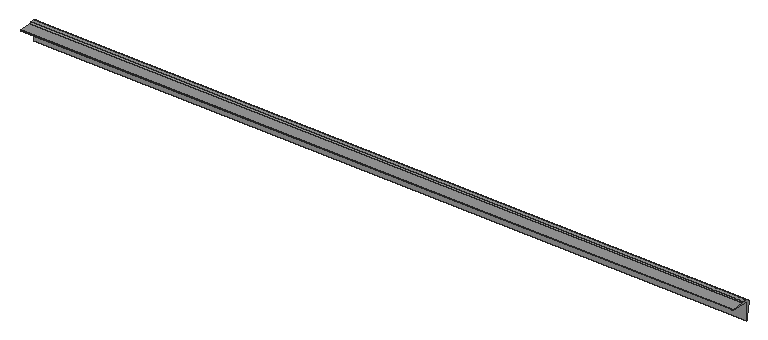
Revit family "TrimExtrusion_Stockton_DMCT", category Generic Models, Revit 2026
Family settings
  Can host rebar = No
  Round Connector Dimension = Use Diameter
  Part Type = Normal
  Classification Number = 23.35.10.34
  Cut with Voids When Loaded = Yes
  Maintain Annotation Orientation = No
  Shared = No
  Room Calculation Point = No
Parameters (values of type "DMCT")
  URL = "http://www.stocktonproducts.com/"
  Specification = "https://www.arcat.com/sd/clients/stockton.html?coid=50392"
  Sales Information = "http://www.stocktonproducts.com/contact.tpl"
  Revision = "R1_05-2017"
  Product Properties = "http://www.stocktonproducts.com/datasheets/DMCT.pdf"
  Product Data = "https://www.arcat.com/arcatcos/cos50/arc50392.html"
  Model = "DMCT"
  Manufacturer Website = "http://www.stocktonproducts.com/"
  Manufacturer Phone - Toll Free = "877-862-5866"
  Manufacturer Phone = "602-278-0257"
  Manufacturer Fax = "602-442-5136"
  Manufacturer Address = "39 N. 43rd Ave. Phoenix, AZ 85009"
  Manufacturer = "Stockton Products"
  built-in parameter 1001306 [instance] = 4' - 0"
  Keynote = "09 22 36"
  Drawn By = "Robert S. Weygant, CSI, CDT, SCIP"
  Description = "Stockton Products DMCT Extruded Aluminum Trim Channel"
  Default Elevation = 0' - 0"
  Copyright = "� ARCAT, Inc., 2017"
  Construction Details = ""
  Assembly Code = "C1010190"
  Anodized Coating = 6063 T-5 Anodized Aluminum Alloy
Reference planes (in)
  plane 1 "Center (Front/Back)": y = 0
  plane 2: z = 0
  plane 3 "Top": x = 0
  plane 4 "Bottom": x = 48
Forms (in)
  Sweep 1, solid, material "6063 T-5 Anodized Aluminum Alloy" <- "Anodized Coating"
    path in 3D
      loop
        line (0, 0, 0) -> (48, 0, 0)
    profile "DMCT Profile : X 3/8"  Y 7/8"" origin (24, 0, 0) x (0, 1, 0) y (0, 0, 1)
      loop
        line (0, 0) -> (0, -1.125) -> (0.03125, -1.125) -> (0.0625, -0.3125) -> (0.125, -0.25) -> (0.125, 0)
        arc (0.125, 0) -> (0.08839, 0.08839) -> (0, 0.125) r 0.125
        line (0, 0.125) -> (-0.25, 0.125) -> (-0.3125, 0.0625) -> (-1.125, 0.03125) -> (-1.125, 0) -> (0, 0)
Lines and regions (in)
  reference lines
    curve 1: line (0, 0, 0) -> (48, 0, 0)
  sketch lines
    curve 2: line (0, 0, 0) -> (48, 0, 0)
Dimensions and locks (in)
  "built-in parameter 1001306": plane 3 "Top" to plane 4 "Bottom"
  aligned and locked: plane 4 "Bottom" to curve 1
  aligned and locked: plane 1 "Center (Front/Back)" to curve 1
  aligned and locked: plane 3 "Top" to curve 1
  aligned and locked: level to plane 2
